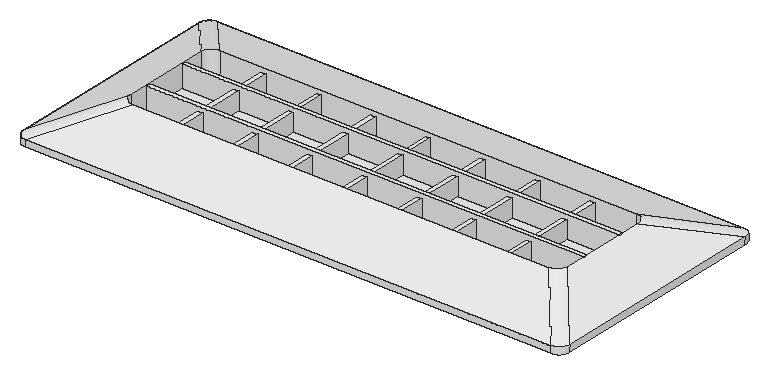
Revit family "CADS_AIRFLOWdev_WallGrille_Aluminium_Extract", category Air Terminals, host Face, Revit 2015
Parameters (values of type "CADS_AIRFLOWdev_WallGrille_Aluminium_Extract")
  WeeklyMaintenance = "N/A"
  WarrantyStartDate [instance] = "1900-12-31T23:59:184"
  WarrantyPeriod = "0"
  WarrantyIdentifier = "N/A"
  WarrantyGuarantorParts = "info@airflow.com"
  WarrantyGuarantorLabor = "info@airflow.com"
  WarrantyGuarantor = "Airflow Developments Ltd"
  WarrantyEndDate [instance] = "1900-12-31T23:59:184"
  WarrantyContent = "N/A"
  Uniclass2015 = "Pr_65_70_46_07"
  TemperatureRange = "up to 40°C"
  TagNumber [instance] = "N/A"
  SustainabilityPerformance = "N/A"
  Status = "New"
  Size = "252 x 102 x 45"
  ShippingWeight = 0.96 kg
  Shape = "Rectangular"
  ServiceLifeType = "EXPECTEDSERVICELIFE"
  ServiceLifeDuration = "10"
  SerialNumber [instance] = "N/A"
  SAPApproval = yes
  ReplacementCost = "48.672"
  Reinforcement = "N/A"
  RedDotDesignAward = no
  QuarterlyMaintenance = "N/A"
  Quantity = 1
  ProductionYear = "2017"
  ProductLiterature = "https://www.airflow.com/pdf/Accessories.pdf#page=14"
  PointOfContact = "Airflow Developments Ltd"
  PassiveHouseApproval = no
  NominalWidth = 102 mm
  NominalLength = 252 mm
  NominalHeight = 45 mm
  NBSCode = "90-75-50/370 Air terminals;"
  MonthlyMaintenance = "N/A"
  ModelReference [instance] = "9041175"
  ModelLabel [instance] = "Aluminium Wall Grille"
  Material = "Aluminium"
  ManufacturerWebsite = "www.airflow.com"
  ManufacturerTelephone = "01494 525252"
  ManufacturerE-Mail = "info@airflow.com"
  ManufacturerAddress = "Aidelle House\nLancaster Road\nCressex Business Park\nHigh Wycombe\nBucks\nHP123QP"
  Manufacturer = "Airflow Developments Ltd"
  MaintenanceRequired8001to12000hrs = "N/A"
  MaintenanceRequired601to1000hrs = "N/A"
  MaintenanceRequired4001to8000hrs = "N/A"
  MaintenanceRequired301to600hrs = "N/A"
  MaintenanceRequired2001to4000hrs = "N/A"
  MaintenanceRequired1001to2000hrs = "N/A"
  MaintenanceRequired0to300hrs = "N/A"
  LongitudinalSeam = "N/A"
  IsExtendedWarranty = no
  InstallationDate [instance] = "1900-12-31T23:59:184"
  ISO90001 = yes
  ISO140001 = yes
  GrossWeight = 0.80 kg
  GrilleFinish = CADS_AIRFLOWdev_Aluminium
  Grade = "Aluminium"
  GlobalTradeItemNumber [instance] = "5019009306094"
  Flow [instance] = 0.0 L/s
  Fitting Type = "Ignore"
  FireControlPanelLinks = no
  Finish = "Lacquer"
  Features = "Aluminium Wall Grille"
  ExpectedServiceLife = 10
  Exclusions = "N/A"
  DurationUnit = "Year"
  Default Elevation = 1219.2 mm
  DailyMaintenance = "N/A"
  Constituents = "Aluminium Wall Grille"
  Color = "Silver"
  CodePerformance = "N/A"
  CEApproval = yes
  CADS_Index = 0
  BespokeTimeFrameMaintenance = "N/A"
  AssetType = "FIXED"
  AssetIdentifier [instance] = "N/A"
  AssemblyPlace = "UNKNOWN"
  ArticleNumber [instance] = "N/A"
  AnnualMaintenance = "N/A"
  AccessibilityPerformance = "N/A"
  6MonthlyMaintenance = "Visually inspect system, clean the fan and ducting if necessary"
Reference planes
  plane 1 "Center (Front/Back)": y = 0
  plane 2: z = 0
  plane 3 "Center (Left/Right)": x = 0
  plane 4: y = 25
  plane 5: y = -25
  plane 6: x = -100
  plane 7: x = 100
  plane 8: x = -125
  plane 9: x = 125
  plane 10: y = 55
  plane 11: y = -55
Forms (mm)
  Blend 1, solid, material "CADS_AIRFLOWdev_Aluminium" <- "GrilleFinish"
    base sketch origin (0, 0, 0) x (1, 0, 0) y (0, 1, 0)
      loop
        arc (-120, 55) -> (-123.536, 53.536) -> (-125, 50) r 5
        line (-125, 50) -> (-125, -50)
        arc (-125, -50) -> (-123.536, -53.536) -> (-120, -55) r 5
        line (-120, -55) -> (120, -55)
        arc (120, -55) -> (123.536, -53.536) -> (125, -50) r 5
        line (125, -50) -> (125, 50)
        arc (125, 50) -> (123.536, 53.536) -> (120, 55) r 5
        line (120, 55) -> (-120, 55)
    top sketch origin (0, 0, 0) x (1, 0, 0) y (0, 1, 0)
      loop
        arc (-95, 25) -> (-98.536, 23.536) -> (-100, 20) r 5
        line (-100, 20) -> (-100, -20)
        arc (-100, -20) -> (-98.536, -23.536) -> (-95, -25) r 5
        line (-95, -25) -> (95, -25)
        arc (95, -25) -> (98.536, -23.536) -> (100, -20) r 5
        line (100, -20) -> (100, 20)
        arc (100, 20) -> (98.536, 23.536) -> (95, 25) r 5
        line (95, 25) -> (-95, 25)
    from 3 to 13
  Extrusion 2, void
    sketch origin (0, 0, 0) x (1, 0, 0) y (0, 1, 0)
      loop
        line (95, 25) -> (-95, 25)
        arc (-95, 25) -> (-98.536, 23.536) -> (-100, 20) r 5
        line (-100, 20) -> (-100, -20)
        arc (-100, -20) -> (-98.536, -23.536) -> (-95, -25) r 5
        line (-95, -25) -> (95, -25)
        arc (95, -25) -> (98.536, -23.536) -> (100, -20) r 5
        line (100, -20) -> (100, 20)
        arc (100, 20) -> (98.536, 23.536) -> (95, 25) r 5
    from 0 to 20
  Extrusion 3, solid, material "CADS_AIRFLOWdev_Aluminium" <- "GrilleFinish"
    sketch origin (0, 0, 0) x (1, 0, 0) y (0, 1, 0)
      loop
        line (-100, 11.248) -> (-100, 9.248) -> (100, 9.248) -> (100, 11.248) -> (-100, 11.248)
      loop
        line (-100, -11.248) -> (100, -11.248) -> (100, -9.248) -> (-100, -9.248) -> (-100, -11.248)
    from 0 to 13
  Extrusion 4, solid, material "CADS_AIRFLOWdev_Aluminium" <- "GrilleFinish"
    sketch origin (0, 0, 0) x (1, 0, 0) y (0, 1, 0)
      loop
        line (-76, 25) -> (-76, -25) -> (-74, -25) -> (-74, 25) -> (-76, 25)
      loop
        line (-51, 25) -> (-51, -25) -> (-49, -25) -> (-49, 25) -> (-51, 25)
      loop
        line (-26, 25) -> (-26, -25) -> (-24, -25) -> (-24, 25) -> (-26, 25)
      loop
        line (-1, 25) -> (-1, -25) -> (1, -25) -> (1, 25) -> (-1, 25)
      loop
        line (76, 25) -> (74, 25) -> (74, -25) -> (76, -25) -> (76, 25)
      loop
        line (51, 25) -> (49, 25) -> (49, -25) -> (51, -25) -> (51, 25)
      loop
        line (26, 25) -> (24, 25) -> (24, -25) -> (26, -25) -> (26, 25)
    from 0 to 11
  Extrusion 5, solid, material "CADS_AIRFLOWdev_Aluminium" <- "GrilleFinish"
    sketch origin (0, 0, 0) x (1, 0, 0) y (0, 1, 0)
      loop
        arc (-120, 55) -> (-123.536, 53.536) -> (-125, 50) r 5
        line (-125, 50) -> (-125, -50)
        arc (-125, -50) -> (-123.536, -53.536) -> (-120, -55) r 5
        line (-120, -55) -> (120, -55)
        arc (120, -55) -> (123.536, -53.536) -> (125, -50) r 5
        line (125, -50) -> (125, 50)
        arc (125, 50) -> (123.536, 53.536) -> (120, 55) r 5
        line (120, 55) -> (-120, 55)
    from 0 to 3
Cuts and joins
  Extrusion 2 cuts Blend 1
Dimensions and locks
  aligned and locked: plane 2 to host face
  aligned and locked: level to host face
  aligned and locked: Extrusion 5 sketch curve to cut or joined group of Blend 1, Extrusion 2
Connectors
  hvac at (0, 0, 3), driven by "Flow"
    settings: on cut or joined group of Blend 1, Extrusion 2, index 1, duct flow 0.0 L/s, flow factor 0, pres drop 0.0 Pa, loss coef 0, conn angle 0.00°, conn width 204 mm, conn height 60 mm, conn diameter 609.6 mm, duct sys type 2, conn prof type 1, flow config 1, flow direction 2, loss method 0, conn ref index -1, conn util no, is conn primary yes, conn desc ""
